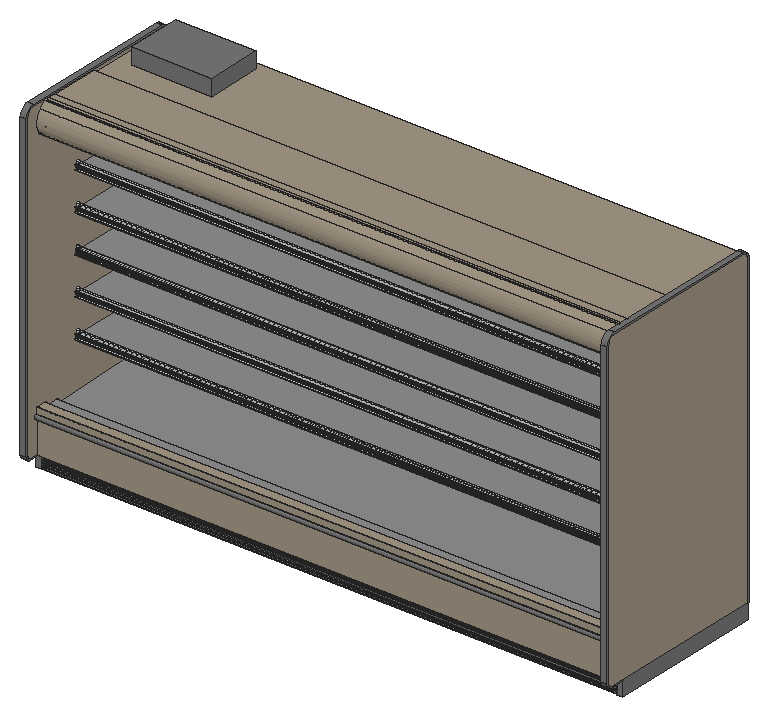
Revit family "5DMLH-NRG", category Mechanical Equipment, Revit 2017 (continued)
Automatic sketch dimensions
  Extrusion 15 sketch curve to Extrusion 15 sketch curve = 1/2"
  plane 8 to Extrusion 16 sketch curve = 0"
  plane 9 to Extrusion 16 sketch curve = 2.88909"
  Extrusion 16 sketch curve to Extrusion 16 sketch curve = 1"
  plane 9 to Extrusion 16 sketch curve = 0.88909"
  plane 5 to Extrusion 16 sketch curve = 3.07202"
  plane 8 to Extrusion 16 sketch curve = 1"
  plane 1 to Extrusion 16 sketch curve = 4.87062"
  Extrusion 17 sketch curve to Extrusion 17 sketch curve = 0"  (x6)
  plane 8 to Extrusion 17 sketch curve = 0"
  plane 8 to Extrusion 17 sketch curve = 2"
  plane 9 to Extrusion 17 sketch curve = 3.18987"
  Extrusion 17 sketch curve to Extrusion 17 sketch curve = 77/256"
  Extrusion 17 sketch curve to Extrusion 17 sketch curve = 1"
  Extrusion 17 sketch curve to plane 9 = 1.71615"
  plane 8 to Extrusion 17 sketch curve = 1"
  plane 5 to Extrusion 17 sketch curve = 3.07202"
  plane 1 to Extrusion 17 sketch curve = 4.87062"
  plane 1 to Extrusion 17 sketch curve = 3.87062"
  level to Extrusion 18 sketch curve = 0"
  Extrusion 18 sketch curve to plane 9 = 1.71615"
  plane 5 to Extrusion 18 sketch curve = 1.77124"
  plane 1 to Extrusion 18 sketch curve = 3.87062"
  Extrusion 21 sketch curve to plane 3 "CASE RIGHT" = 8 3/4"
  Extrusion 21 sketch curve to plane 9 = 12.55298"
  Extrusion 22 sketch curve to plane 3 "CASE RIGHT" = 9.71282"
  Extrusion 22 sketch curve to Extrusion 22 sketch curve = 1.84217"
  Extrusion 22 sketch curve to plane 9 = 12.55298"
  Extrusion 22 sketch curve to Extrusion 22 sketch curve = 0"
  plane 2 "LEFT" to Extrusion 23 sketch curve = 5"
  Extrusion 23 sketch curve to plane 7 = 46 7/8"
  Extrusion 23 sketch curve to plane 9 = 2 3/4"
  Extrusion 23 sketch curve to Extrusion 23 sketch curve = 4"
  plane 2 "LEFT" to Extrusion 24 sketch curve = 5"
  Extrusion 24 sketch curve to plane 9 = 2 3/4"
  Extrusion 24 sketch curve to Extrusion 24 sketch curve = 4"
  Extrusion 25 sketch curve to Extrusion 25 sketch curve = 11.16395"
  Extrusion 25 sketch curve to Extrusion 25 sketch curve = 15/256"
  plane 5 to Extrusion 25 sketch curve = 9.71507"
  Extrusion 25 sketch curve to Extrusion 25 sketch curve = 0.31094"
  Extrusion 25 sketch curve to Extrusion 25 sketch curve = 1.26163"
  Extrusion 25 sketch curve to Extrusion 25 sketch curve = 0.70284"
  Extrusion 25 sketch curve to Extrusion 25 sketch curve = 0.62903"
  Extrusion 25 sketch curve to Extrusion 25 sketch curve = 0.64603"
  Extrusion 25 sketch curve to Extrusion 25 sketch curve = 0.74047"
  plane 8 to Extrusion 25 sketch curve = 23.28769"
  Extrusion 25 sketch curve to Extrusion 25 sketch curve = 1.15227"
  Extrusion 25 sketch curve to Extrusion 25 sketch curve = 0.0123"
  Extrusion 25 sketch curve to Extrusion 25 sketch curve = 0.22247"
  Extrusion 25 sketch curve to Extrusion 25 sketch curve = 0.56871"
  Extrusion 25 sketch curve to Extrusion 25 sketch curve = 0.93296"
  Extrusion 25 sketch curve to Extrusion 25 sketch curve = 0.13545"
  Extrusion 25 sketch curve to Extrusion 25 sketch curve = 0.56"
  Extrusion 26 sketch curve to plane 9 = 12.67984"
  Extrusion 26 sketch curve to Extrusion 26 sketch curve = 11.16395"
  Extrusion 26 sketch curve to Extrusion 26 sketch curve = 15/256"
  plane 5 to Extrusion 26 sketch curve = 9.71507"
  Extrusion 26 sketch curve to Extrusion 26 sketch curve = 0.31094"
  Extrusion 26 sketch curve to Extrusion 26 sketch curve = 1.26163"
  Extrusion 26 sketch curve to Extrusion 26 sketch curve = 0.70284"
  Extrusion 26 sketch curve to Extrusion 26 sketch curve = 0.62903"
  Extrusion 26 sketch curve to Extrusion 26 sketch curve = 0.64603"
  Extrusion 26 sketch curve to Extrusion 26 sketch curve = 0.74047"
  plane 8 to Extrusion 26 sketch curve = 32.78769"
  Extrusion 26 sketch curve to Extrusion 26 sketch curve = 1.15227"
  Extrusion 26 sketch curve to Extrusion 26 sketch curve = 0.0123"
  Extrusion 26 sketch curve to Extrusion 26 sketch curve = 0.22247"
  Extrusion 26 sketch curve to Extrusion 26 sketch curve = 0.56871"
  Extrusion 26 sketch curve to Extrusion 26 sketch curve = 0.93296"
  Extrusion 26 sketch curve to Extrusion 26 sketch curve = 0.13545"
  Extrusion 26 sketch curve to Extrusion 26 sketch curve = 0.56"
  Extrusion 27 sketch curve to plane 9 = 12.67984"
  Extrusion 27 sketch curve to Extrusion 27 sketch curve = 11.16395"
  Extrusion 27 sketch curve to Extrusion 27 sketch curve = 15/256"
  plane 5 to Extrusion 27 sketch curve = 9.71507"
  Extrusion 27 sketch curve to Extrusion 27 sketch curve = 0.31094"
  Extrusion 27 sketch curve to Extrusion 27 sketch curve = 1.26163"
  Extrusion 27 sketch curve to Extrusion 27 sketch curve = 0.70284"
  Extrusion 27 sketch curve to Extrusion 27 sketch curve = 0.62903"
  Extrusion 27 sketch curve to Extrusion 27 sketch curve = 0.64603"
  Extrusion 27 sketch curve to Extrusion 27 sketch curve = 0.74047"
  plane 1 to Extrusion 27 sketch curve = 40.31768"
  Extrusion 27 sketch curve to Extrusion 27 sketch curve = 1.15227"
  Extrusion 27 sketch curve to Extrusion 27 sketch curve = 0.0123"
  Extrusion 27 sketch curve to Extrusion 27 sketch curve = 0.22247"
  Extrusion 27 sketch curve to Extrusion 27 sketch curve = 0.56871"
  Extrusion 27 sketch curve to Extrusion 27 sketch curve = 0.93296"
  Extrusion 27 sketch curve to Extrusion 27 sketch curve = 0.13545"
  Extrusion 27 sketch curve to Extrusion 27 sketch curve = 0.56"
  Extrusion 28 sketch curve to plane 9 = 12.67984"
  Extrusion 28 sketch curve to Extrusion 28 sketch curve = 11.16395"
  Extrusion 28 sketch curve to Extrusion 28 sketch curve = 15/256"
  plane 5 to Extrusion 28 sketch curve = 9.71507"
  Extrusion 28 sketch curve to Extrusion 28 sketch curve = 0.31094"
  Extrusion 28 sketch curve to Extrusion 28 sketch curve = 1.26163"
  Extrusion 28 sketch curve to Extrusion 28 sketch curve = 0.70284"
  Extrusion 28 sketch curve to Extrusion 28 sketch curve = 0.62903"
  Extrusion 28 sketch curve to Extrusion 28 sketch curve = 0.64603"
  Extrusion 28 sketch curve to Extrusion 28 sketch curve = 0.74047"
  plane 1 to Extrusion 28 sketch curve = 30.81768"
  Extrusion 28 sketch curve to Extrusion 28 sketch curve = 1.15227"
  Extrusion 28 sketch curve to Extrusion 28 sketch curve = 0.0123"
  Extrusion 28 sketch curve to Extrusion 28 sketch curve = 0.22247"
  Extrusion 28 sketch curve to Extrusion 28 sketch curve = 0.56871"
  Extrusion 28 sketch curve to Extrusion 28 sketch curve = 0.93296"
  Extrusion 28 sketch curve to Extrusion 28 sketch curve = 0.13545"
  Extrusion 28 sketch curve to Extrusion 28 sketch curve = 0.56"
  Extrusion 29 sketch curve to plane 9 = 12.67984"
  Extrusion 29 sketch curve to Extrusion 29 sketch curve = 11.16395"
  Extrusion 29 sketch curve to Extrusion 29 sketch curve = 15/256"
  plane 5 to Extrusion 29 sketch curve = 9.71507"
  Extrusion 29 sketch curve to Extrusion 29 sketch curve = 0.31094"
  Extrusion 29 sketch curve to Extrusion 29 sketch curve = 1.26163"
  Extrusion 29 sketch curve to Extrusion 29 sketch curve = 0.70284"
  Extrusion 29 sketch curve to Extrusion 29 sketch curve = 0.62903"
  Extrusion 29 sketch curve to Extrusion 29 sketch curve = 0.64603"
  Extrusion 29 sketch curve to Extrusion 29 sketch curve = 0.74047"
  plane 1 to Extrusion 29 sketch curve = 21.31768"
  Extrusion 29 sketch curve to Extrusion 29 sketch curve = 1.15227"
  Extrusion 29 sketch curve to Extrusion 29 sketch curve = 0.0123"
  Extrusion 29 sketch curve to Extrusion 29 sketch curve = 0.22247"
  Extrusion 29 sketch curve to Extrusion 29 sketch curve = 0.56871"
  Extrusion 29 sketch curve to Extrusion 29 sketch curve = 0.93296"
  Extrusion 29 sketch curve to Extrusion 29 sketch curve = 0.13545"
  Extrusion 29 sketch curve to Extrusion 29 sketch curve = 0.56"
  Extrusion 30 sketch curve to plane 9 = 11.12702"
  Extrusion 30 sketch curve to Extrusion 30 sketch curve = 0.15257"
  Extrusion 30 sketch curve to Extrusion 30 sketch curve = 0.68718"
  Extrusion 30 sketch curve to Extrusion 30 sketch curve = 0.08041"
  Extrusion 30 sketch curve to Extrusion 30 sketch curve = 0.01502"
  Extrusion 30 sketch curve to Extrusion 30 sketch curve = 0.0348"
  Extrusion 30 sketch curve to Extrusion 30 sketch curve = 0.1344"
  Extrusion 30 sketch curve to Extrusion 30 sketch curve = 0.02303"
  Extrusion 30 sketch curve to Extrusion 30 sketch curve = 0.01397"
  Extrusion 30 sketch curve to Extrusion 30 sketch curve = 0.02042"
  Extrusion 30 sketch curve to Extrusion 30 sketch curve = 0.02391"
  Extrusion 30 sketch curve to Extrusion 30 sketch curve = 0.01972"
  Extrusion 30 sketch curve to Extrusion 30 sketch curve = 0.02486"
  Extrusion 30 sketch curve to Extrusion 30 sketch curve = 0.03996"
  Extrusion 30 sketch curve to Extrusion 30 sketch curve = 0.017"
  Extrusion 30 sketch curve to Extrusion 30 sketch curve = 0.00237"
  Extrusion 30 sketch curve to Extrusion 30 sketch curve = 0.15075"
  Extrusion 30 sketch curve to Extrusion 30 sketch curve = 0.19432"
  Extrusion 30 sketch curve to Extrusion 30 sketch curve = 0.01576"
  Extrusion 30 sketch curve to Extrusion 30 sketch curve = 0.09513"
  Extrusion 30 sketch curve to Extrusion 30 sketch curve = 0.02774"
  Extrusion 30 sketch curve to Extrusion 30 sketch curve = 0.00353"
  Extrusion 30 sketch curve to Extrusion 30 sketch curve = 0.03407"
  Extrusion 30 sketch curve to Extrusion 30 sketch curve = 0.0131"
  Extrusion 30 sketch curve to Extrusion 30 sketch curve = 0.02043"
  Extrusion 30 sketch curve to Extrusion 30 sketch curve = 0.00337"
  Extrusion 30 sketch curve to Extrusion 30 sketch curve = 0.00069"
  Extrusion 30 sketch curve to Extrusion 30 sketch curve = 0.03104"
  Extrusion 30 sketch curve to Extrusion 30 sketch curve = 0.08208"
  Extrusion 30 sketch curve to Extrusion 30 sketch curve = 0.00837"
  Extrusion 30 sketch curve to Extrusion 30 sketch curve = 0.0767"
  Extrusion 30 sketch curve to Extrusion 30 sketch curve = 0.08643"
  Extrusion 30 sketch curve to Extrusion 30 sketch curve = 0.16977"
  Extrusion 30 sketch curve to Extrusion 30 sketch curve = 0.01614"
  Extrusion 30 sketch curve to Extrusion 30 sketch curve = 0.2264"
  Extrusion 30 sketch curve to Extrusion 30 sketch curve = 0.05312"
  Extrusion 30 sketch curve to Extrusion 30 sketch curve = 0.05633"
  Extrusion 30 sketch curve to Extrusion 30 sketch curve = 0.04415"
  Extrusion 30 sketch curve to Extrusion 30 sketch curve = 0.10656"
  Extrusion 30 sketch curve to Extrusion 30 sketch curve = 0.05257"
  Extrusion 30 sketch curve to Extrusion 30 sketch curve = 0.02992"
  Extrusion 30 sketch curve to Extrusion 30 sketch curve = 0.01928"
  Extrusion 30 sketch curve to Extrusion 30 sketch curve = 0.02299"
  Extrusion 30 sketch curve to Extrusion 30 sketch curve = 0.06688"
  Extrusion 30 sketch curve to Extrusion 30 sketch curve = 0.06408"
  Extrusion 30 sketch curve to Extrusion 30 sketch curve = 0.02014"
  Extrusion 30 sketch curve to Extrusion 30 sketch curve = 0.02893"
  Extrusion 30 sketch curve to Extrusion 30 sketch curve = 0.03692"
  Extrusion 30 sketch curve to Extrusion 30 sketch curve = 0.04431"
  Extrusion 30 sketch curve to Extrusion 30 sketch curve = 0.03954"
  Extrusion 30 sketch curve to Extrusion 30 sketch curve = 0.03955"
  plane 8 to Extrusion 30 sketch curve = 20.16492"
  Extrusion 30 sketch curve to Extrusion 30 sketch curve = 0.07609"
  Extrusion 30 sketch curve to Extrusion 30 sketch curve = 0.10738"
  Extrusion 30 sketch curve to Extrusion 30 sketch curve = 0.0285"
  Extrusion 30 sketch curve to Extrusion 30 sketch curve = 0.03167"
  Extrusion 30 sketch curve to Extrusion 30 sketch curve = 0.00684"
  Extrusion 30 sketch curve to Extrusion 30 sketch curve = 0.00793"
  Extrusion 30 sketch curve to Extrusion 30 sketch curve = 0.10085"
  Extrusion 30 sketch curve to Extrusion 30 sketch curve = 0.042"
  Extrusion 30 sketch curve to Extrusion 30 sketch curve = 0.01543"
  Extrusion 30 sketch curve to Extrusion 30 sketch curve = 0.02758"
  Extrusion 30 sketch curve to Extrusion 30 sketch curve = 0.09743"
  Extrusion 30 sketch curve to Extrusion 30 sketch curve = 0.0166"
  Extrusion 30 sketch curve to Extrusion 30 sketch curve = 0.01746"
  Extrusion 30 sketch curve to Extrusion 30 sketch curve = 0.0442"
  Extrusion 30 sketch curve to Extrusion 30 sketch curve = 0.09004"
  Extrusion 30 sketch curve to Extrusion 30 sketch curve = 0.25155"
  Extrusion 30 sketch curve to Extrusion 30 sketch curve = 0.02567"
  Extrusion 30 sketch curve to Extrusion 30 sketch curve = 0.10897"
  Extrusion 30 sketch curve to Extrusion 30 sketch curve = 0.0351"
  Extrusion 30 sketch curve to Extrusion 30 sketch curve = 0.51771"
  Extrusion 30 sketch curve to Extrusion 30 sketch curve = 0.03032"
  Extrusion 30 sketch curve to Extrusion 30 sketch curve = 0.0787"
  Extrusion 30 sketch curve to Extrusion 30 sketch curve = 0.13364"
  Extrusion 30 sketch curve to Extrusion 30 sketch curve = 0.12805"
  Extrusion 30 sketch curve to Extrusion 30 sketch curve = 0.00785"
  Extrusion 30 sketch curve to Extrusion 30 sketch curve = 0.07212"
  Extrusion 30 sketch curve to Extrusion 30 sketch curve = 0.15715"
  Extrusion 30 sketch curve to Extrusion 30 sketch curve = 0.01545"
  Extrusion 30 sketch curve to Extrusion 30 sketch curve = 0.0359"
  Extrusion 30 sketch curve to Extrusion 30 sketch curve = 0.18765"
  Extrusion 30 sketch curve to Extrusion 30 sketch curve = 0.02417"
  Extrusion 30 sketch curve to Extrusion 30 sketch curve = 0.05651"
  Extrusion 30 sketch curve to Extrusion 30 sketch curve = 0.0054"
  Extrusion 30 sketch curve to Extrusion 30 sketch curve = 0.03942"
  Extrusion 30 sketch curve to Extrusion 30 sketch curve = 0.04694"
  Extrusion 30 sketch curve to Extrusion 30 sketch curve = 0.01524"
  Extrusion 30 sketch curve to Extrusion 30 sketch curve = 0.00637"
  Extrusion 30 sketch curve to Extrusion 30 sketch curve = 0.02521"
  Extrusion 30 sketch curve to Extrusion 30 sketch curve = 0.02057"
  Extrusion 30 sketch curve to Extrusion 30 sketch curve = 0.02401"
  Extrusion 31 sketch curve to plane 9 = 12.4038"
  Extrusion 31 sketch curve to Extrusion 31 sketch curve = 0.11066"
  plane 8 to Extrusion 31 sketch curve = 19.92866"
  Extrusion 31 sketch curve to Extrusion 31 sketch curve = 1.81386"
  level to Extrusion 32 sketch curve = 0"
  Extrusion 32 sketch curve to plane 9 = 1.71983"
  Extrusion 32 sketch curve to Extrusion 32 sketch curve = 0.00145"
  Extrusion 32 sketch curve to Extrusion 32 sketch curve = 0.01948"
  Extrusion 32 sketch curve to Extrusion 32 sketch curve = 0.03789"
  Extrusion 32 sketch curve to Extrusion 32 sketch curve = 0.08969"
  Extrusion 32 sketch curve to Extrusion 32 sketch curve = 0.06877"
  Extrusion 32 sketch curve to Extrusion 32 sketch curve = 0.08825"
  Extrusion 32 sketch curve to Extrusion 32 sketch curve = 0.01194"
  plane 1 to Extrusion 32 sketch curve = 0.6834"
  Extrusion 32 sketch curve to Extrusion 32 sketch curve = 0.03983"  (x3)
  Extrusion 32 sketch curve to Extrusion 32 sketch curve = 0.15552"
  Extrusion 32 sketch curve to Extrusion 32 sketch curve = 0.14278"  (x2)
  plane 1 to Extrusion 32 sketch curve = 0.50152"
  Extrusion 32 sketch curve to Extrusion 32 sketch curve = 0.14968"
  Extrusion 32 sketch curve to Extrusion 32 sketch curve = 0.21248"  (x3)
  plane 1 to Extrusion 32 sketch curve = 0.72651"
  Extrusion 32 sketch curve to Extrusion 32 sketch curve = 0.26349"
  Extrusion 32 sketch curve to Extrusion 32 sketch curve = 0.18708"
  Extrusion 32 sketch curve to Extrusion 32 sketch curve = 0.25368"  (x3)
  Extrusion 32 sketch curve to Extrusion 32 sketch curve = 0.18506"  (x2)
  Extrusion 32 sketch curve to Extrusion 32 sketch curve = 0.09528"
  Extrusion 32 sketch curve to Extrusion 32 sketch curve = 0.0431"
  Extrusion 32 sketch curve to Extrusion 32 sketch curve = 0.09386"
  Extrusion 32 sketch curve to Extrusion 32 sketch curve = 0.04057"
  Extrusion 32 sketch curve to Extrusion 32 sketch curve = 0.06434"
  Extrusion 32 sketch curve to Extrusion 32 sketch curve = 0.07254"
  Extrusion 32 sketch curve to Extrusion 32 sketch curve = 1.47716"
  plane 8 to Extrusion 33 sketch curve = 0.73775"
  Extrusion 33 sketch curve to plane 9 = 24.77324"
  Extrusion 33 sketch curve to plane 8 = 3.28025"
  plane 5 to Extrusion 33 sketch curve = 3.97676"
  Extrusion 34 sketch curve to Extrusion 34 sketch curve = 0"  (x4)
  plane 8 to Extrusion 34 sketch curve = 0"
  Extrusion 34 sketch curve to plane 9 = 0.82095"
  Extrusion 34 sketch curve to Extrusion 34 sketch curve = 0.025"
  Extrusion 34 sketch curve to Extrusion 34 sketch curve = 0.03401"
  Extrusion 34 sketch curve to Extrusion 34 sketch curve = 0.00814"  (x2)
  Extrusion 34 sketch curve to Extrusion 34 sketch curve = 0.02035"  (x2)
  Extrusion 34 sketch curve to Extrusion 34 sketch curve = 0.40124"
  Extrusion 34 sketch curve to Extrusion 34 sketch curve = 0.04419"  (x2)
  Extrusion 34 sketch curve to Extrusion 34 sketch curve = 0.01768"  (x2)
  Extrusion 34 sketch curve to Extrusion 34 sketch curve = 0.13173"
  Extrusion 34 sketch curve to Extrusion 34 sketch curve = 0.00884"  (x3)
  plane 8 to Extrusion 34 sketch curve = 0.59706"
  Extrusion 34 sketch curve to plane 9 = 2.14368"
  plane 8 to Extrusion 34 sketch curve = 0.16006"
  Extrusion 34 sketch curve to Extrusion 34 sketch curve = 0.45"
  Extrusion 34 sketch curve to Extrusion 34 sketch curve = 3.42914"
  plane 8 to Extrusion 34 sketch curve = 0.73775"
  Extrusion 34 sketch curve to Extrusion 34 sketch curve = 2.37251"
  Extrusion 34 sketch curve to Extrusion 34 sketch curve = 0.31595"
  Extrusion 34 sketch curve to Extrusion 34 sketch curve = 0.98189"
  Extrusion 34 sketch curve to Extrusion 34 sketch curve = 2.37756"
  Extrusion 34 sketch curve to Extrusion 34 sketch curve = 10.39212"
  Extrusion 34 sketch curve to Extrusion 34 sketch curve = 0.15496"
  Extrusion 34 sketch curve to Extrusion 34 sketch curve = 1.88905"
  plane 8 to Extrusion 34 sketch curve = 2.73775"
  Extrusion 34 sketch curve to Extrusion 34 sketch curve = 1.57573"
  Extrusion 34 sketch curve to Extrusion 34 sketch curve = 1.63813"
  Extrusion 34 sketch curve to Extrusion 34 sketch curve = 0.45786"
  Extrusion 34 sketch curve to Extrusion 34 sketch curve = 2.82979"
  Extrusion 34 sketch curve to Extrusion 34 sketch curve = 1.1978"
  Extrusion 34 sketch curve to Extrusion 34 sketch curve = 0.05062"
  Extrusion 34 sketch curve to Extrusion 34 sketch curve = 0.08754"
  plane 8 to Extrusion 34 sketch curve = 0.168"
  Extrusion 35 sketch curve to Extrusion 35 sketch curve = 0"  (x4)
  Extrusion 35 sketch curve to plane 9 = 2.54187"
  Extrusion 35 sketch curve to Extrusion 35 sketch curve = 1.58073"
  plane 8 to Extrusion 35 sketch curve = 5.7513"
  Extrusion 35 sketch curve to Extrusion 35 sketch curve = 0.42736"
  Extrusion 35 sketch curve to Extrusion 35 sketch curve = 7/16"  (x4)
  Extrusion 35 sketch curve to Extrusion 35 sketch curve = 0.00042"  (x2)
  Extrusion 36 sketch curve to Extrusion 36 sketch curve = 0"  (x8)
  plane 8 to Extrusion 36 sketch curve = 0"
  Extrusion 36 sketch curve to plane 9 = 0.98865"
  Extrusion 36 sketch curve to Extrusion 36 sketch curve = 0.05755"
  Extrusion 36 sketch curve to plane 9 = 1.14933"
  Extrusion 36 sketch curve to Extrusion 36 sketch curve = 0.14566"  (x2)
  Extrusion 36 sketch curve to Extrusion 36 sketch curve = 0.05657"  (x3)
  Extrusion 36 sketch curve to Extrusion 36 sketch curve = 0.2588"
  plane 8 to Extrusion 36 sketch curve = 0.02638"
  Extrusion 36 sketch curve to Extrusion 36 sketch curve = 1.36361"
  plane 8 to Extrusion 36 sketch curve = 0.05378"
  Extrusion 36 sketch curve to Extrusion 36 sketch curve = 0.08475"
  Extrusion 36 sketch curve to Extrusion 36 sketch curve = 0.12098"
  Extrusion 36 sketch curve to Extrusion 36 sketch curve = 0.00573"
  Extrusion 36 sketch curve to Extrusion 36 sketch curve = 0.79727"
  Extrusion 36 sketch curve to Extrusion 36 sketch curve = 2.33811"
  Extrusion 36 sketch curve to Extrusion 36 sketch curve = 0.04891"
  plane 8 to Extrusion 36 sketch curve = 1.43845"
  Extrusion 36 sketch curve to Extrusion 36 sketch curve = 0.05557"
  Extrusion 36 sketch curve to Extrusion 36 sketch curve = 2.74807"
  Extrusion 36 sketch curve to Extrusion 36 sketch curve = 2.44436"
  Extrusion 36 sketch curve to Extrusion 36 sketch curve = 0.3343"
  Extrusion 37 sketch curve to plane 9 = 11.12702"
  Extrusion 37 sketch curve to Extrusion 37 sketch curve = 0.15257"
  Extrusion 37 sketch curve to Extrusion 37 sketch curve = 0.68718"
  Extrusion 37 sketch curve to Extrusion 37 sketch curve = 0.08041"
  Extrusion 37 sketch curve to Extrusion 37 sketch curve = 0.01502"
  Extrusion 37 sketch curve to Extrusion 37 sketch curve = 0.0348"
  Extrusion 37 sketch curve to Extrusion 37 sketch curve = 0.1344"
  Extrusion 37 sketch curve to Extrusion 37 sketch curve = 0.02303"
  Extrusion 37 sketch curve to Extrusion 37 sketch curve = 0.01397"
  Extrusion 37 sketch curve to Extrusion 37 sketch curve = 0.02042"
  Extrusion 37 sketch curve to Extrusion 37 sketch curve = 0.02391"
  Extrusion 37 sketch curve to Extrusion 37 sketch curve = 0.01972"
  Extrusion 37 sketch curve to Extrusion 37 sketch curve = 0.02486"
  Extrusion 37 sketch curve to Extrusion 37 sketch curve = 0.03996"
  Extrusion 37 sketch curve to Extrusion 37 sketch curve = 0.017"
  Extrusion 37 sketch curve to Extrusion 37 sketch curve = 0.00237"
  Extrusion 37 sketch curve to Extrusion 37 sketch curve = 0.15075"
  Extrusion 37 sketch curve to Extrusion 37 sketch curve = 0.19432"
  Extrusion 37 sketch curve to Extrusion 37 sketch curve = 0.01576"
  Extrusion 37 sketch curve to Extrusion 37 sketch curve = 0.09513"
  Extrusion 37 sketch curve to Extrusion 37 sketch curve = 0.02774"
  Extrusion 37 sketch curve to Extrusion 37 sketch curve = 0.00353"
  Extrusion 37 sketch curve to Extrusion 37 sketch curve = 0.03407"
  Extrusion 37 sketch curve to Extrusion 37 sketch curve = 0.0131"
  Extrusion 37 sketch curve to Extrusion 37 sketch curve = 0.02043"
  Extrusion 37 sketch curve to Extrusion 37 sketch curve = 0.00337"
  Extrusion 37 sketch curve to Extrusion 37 sketch curve = 0.00069"
  Extrusion 37 sketch curve to Extrusion 37 sketch curve = 0.03104"
  Extrusion 37 sketch curve to Extrusion 37 sketch curve = 0.08208"
  Extrusion 37 sketch curve to Extrusion 37 sketch curve = 0.00837"
  Extrusion 37 sketch curve to Extrusion 37 sketch curve = 0.0767"
  Extrusion 37 sketch curve to Extrusion 37 sketch curve = 0.08643"
  Extrusion 37 sketch curve to Extrusion 37 sketch curve = 0.16977"
  Extrusion 37 sketch curve to Extrusion 37 sketch curve = 0.01614"
  Extrusion 37 sketch curve to Extrusion 37 sketch curve = 0.2264"
  Extrusion 37 sketch curve to Extrusion 37 sketch curve = 0.05312"
  Extrusion 37 sketch curve to Extrusion 37 sketch curve = 0.05633"
  Extrusion 37 sketch curve to Extrusion 37 sketch curve = 0.04415"
  Extrusion 37 sketch curve to Extrusion 37 sketch curve = 0.10656"
  Extrusion 37 sketch curve to Extrusion 37 sketch curve = 0.05257"
  Extrusion 37 sketch curve to Extrusion 37 sketch curve = 0.02992"
  Extrusion 37 sketch curve to Extrusion 37 sketch curve = 0.01928"
  Extrusion 37 sketch curve to Extrusion 37 sketch curve = 0.02299"
  Extrusion 37 sketch curve to Extrusion 37 sketch curve = 0.06688"
  Extrusion 37 sketch curve to Extrusion 37 sketch curve = 0.06408"
  Extrusion 37 sketch curve to Extrusion 37 sketch curve = 0.02014"
  Extrusion 37 sketch curve to Extrusion 37 sketch curve = 0.02893"
  Extrusion 37 sketch curve to Extrusion 37 sketch curve = 0.03692"
  Extrusion 37 sketch curve to Extrusion 37 sketch curve = 0.04431"
  Extrusion 37 sketch curve to Extrusion 37 sketch curve = 0.03954"
  Extrusion 37 sketch curve to Extrusion 37 sketch curve = 0.03955"
  plane 8 to Extrusion 37 sketch curve = 29.66492"
  Extrusion 37 sketch curve to Extrusion 37 sketch curve = 0.07609"
  Extrusion 37 sketch curve to Extrusion 37 sketch curve = 0.10738"
  Extrusion 37 sketch curve to Extrusion 37 sketch curve = 0.0285"
  Extrusion 37 sketch curve to Extrusion 37 sketch curve = 0.03167"
  Extrusion 37 sketch curve to Extrusion 37 sketch curve = 0.00684"
  Extrusion 37 sketch curve to Extrusion 37 sketch curve = 0.00793"
  Extrusion 37 sketch curve to Extrusion 37 sketch curve = 0.10085"
  Extrusion 37 sketch curve to Extrusion 37 sketch curve = 0.042"
  Extrusion 37 sketch curve to Extrusion 37 sketch curve = 0.01543"
  Extrusion 37 sketch curve to Extrusion 37 sketch curve = 0.02758"
  Extrusion 37 sketch curve to Extrusion 37 sketch curve = 0.09743"
  Extrusion 37 sketch curve to Extrusion 37 sketch curve = 0.0166"
  Extrusion 37 sketch curve to Extrusion 37 sketch curve = 0.01746"
  Extrusion 37 sketch curve to Extrusion 37 sketch curve = 0.0442"
  Extrusion 37 sketch curve to Extrusion 37 sketch curve = 0.09004"
  Extrusion 37 sketch curve to Extrusion 37 sketch curve = 0.25155"
  Extrusion 37 sketch curve to Extrusion 37 sketch curve = 0.02567"
  Extrusion 37 sketch curve to Extrusion 37 sketch curve = 0.10897"
  Extrusion 37 sketch curve to Extrusion 37 sketch curve = 0.0351"
  Extrusion 37 sketch curve to Extrusion 37 sketch curve = 0.51771"
  Extrusion 37 sketch curve to Extrusion 37 sketch curve = 0.03032"
  Extrusion 37 sketch curve to Extrusion 37 sketch curve = 0.0787"
  Extrusion 37 sketch curve to Extrusion 37 sketch curve = 0.13364"
  Extrusion 37 sketch curve to Extrusion 37 sketch curve = 0.12805"
  Extrusion 37 sketch curve to Extrusion 37 sketch curve = 0.00785"
  Extrusion 37 sketch curve to Extrusion 37 sketch curve = 0.07212"
  Extrusion 37 sketch curve to Extrusion 37 sketch curve = 0.15715"
  Extrusion 37 sketch curve to Extrusion 37 sketch curve = 0.01545"
  Extrusion 37 sketch curve to Extrusion 37 sketch curve = 0.0359"
  Extrusion 37 sketch curve to Extrusion 37 sketch curve = 0.18765"
  Extrusion 37 sketch curve to Extrusion 37 sketch curve = 0.02417"
  Extrusion 37 sketch curve to Extrusion 37 sketch curve = 0.05651"
  Extrusion 37 sketch curve to Extrusion 37 sketch curve = 0.0054"
  Extrusion 37 sketch curve to Extrusion 37 sketch curve = 0.03942"
  Extrusion 37 sketch curve to Extrusion 37 sketch curve = 0.04694"
  Extrusion 37 sketch curve to Extrusion 37 sketch curve = 0.01524"
  Extrusion 37 sketch curve to Extrusion 37 sketch curve = 0.00637"
  Extrusion 37 sketch curve to Extrusion 37 sketch curve = 0.02521"
  Extrusion 37 sketch curve to Extrusion 37 sketch curve = 0.02057"
  Extrusion 37 sketch curve to Extrusion 37 sketch curve = 0.02401"
  Extrusion 38 sketch curve to plane 9 = 12.4038"
  Extrusion 38 sketch curve to Extrusion 38 sketch curve = 0.11066"
  plane 8 to Extrusion 38 sketch curve = 29.42866"
  Extrusion 38 sketch curve to Extrusion 38 sketch curve = 1.81386"
  Extrusion 39 sketch curve to plane 9 = 11.12702"
  Extrusion 39 sketch curve to Extrusion 39 sketch curve = 0.15257"
  Extrusion 39 sketch curve to Extrusion 39 sketch curve = 0.68718"
  Extrusion 39 sketch curve to Extrusion 39 sketch curve = 0.08041"
  Extrusion 39 sketch curve to Extrusion 39 sketch curve = 0.01502"
  Extrusion 39 sketch curve to Extrusion 39 sketch curve = 0.0348"
  Extrusion 39 sketch curve to Extrusion 39 sketch curve = 0.1344"
  Extrusion 39 sketch curve to Extrusion 39 sketch curve = 0.02303"
  Extrusion 39 sketch curve to Extrusion 39 sketch curve = 0.01397"
  Extrusion 39 sketch curve to Extrusion 39 sketch curve = 0.02042"
  Extrusion 39 sketch curve to Extrusion 39 sketch curve = 0.02391"
  Extrusion 39 sketch curve to Extrusion 39 sketch curve = 0.01972"
  Extrusion 39 sketch curve to Extrusion 39 sketch curve = 0.02486"
  Extrusion 39 sketch curve to Extrusion 39 sketch curve = 0.03996"
  Extrusion 39 sketch curve to Extrusion 39 sketch curve = 0.017"
  Extrusion 39 sketch curve to Extrusion 39 sketch curve = 0.00237"
  Extrusion 39 sketch curve to Extrusion 39 sketch curve = 0.15075"
  Extrusion 39 sketch curve to Extrusion 39 sketch curve = 0.19432"
  Extrusion 39 sketch curve to Extrusion 39 sketch curve = 0.01576"
  Extrusion 39 sketch curve to Extrusion 39 sketch curve = 0.09513"
  Extrusion 39 sketch curve to Extrusion 39 sketch curve = 0.02774"
  Extrusion 39 sketch curve to Extrusion 39 sketch curve = 0.00353"
  Extrusion 39 sketch curve to Extrusion 39 sketch curve = 0.03407"
  Extrusion 39 sketch curve to Extrusion 39 sketch curve = 0.0131"
  Extrusion 39 sketch curve to Extrusion 39 sketch curve = 0.02043"
  Extrusion 39 sketch curve to Extrusion 39 sketch curve = 0.00337"
  Extrusion 39 sketch curve to Extrusion 39 sketch curve = 0.00069"
  Extrusion 39 sketch curve to Extrusion 39 sketch curve = 0.03104"
  Extrusion 39 sketch curve to Extrusion 39 sketch curve = 0.08208"
  Extrusion 39 sketch curve to Extrusion 39 sketch curve = 0.00837"
  Extrusion 39 sketch curve to Extrusion 39 sketch curve = 0.0767"
  Extrusion 39 sketch curve to Extrusion 39 sketch curve = 0.08643"
  Extrusion 39 sketch curve to Extrusion 39 sketch curve = 0.16977"
  Extrusion 39 sketch curve to Extrusion 39 sketch curve = 0.01614"
  Extrusion 39 sketch curve to Extrusion 39 sketch curve = 0.2264"
  Extrusion 39 sketch curve to Extrusion 39 sketch curve = 0.05312"
  Extrusion 39 sketch curve to Extrusion 39 sketch curve = 0.05633"
  Extrusion 39 sketch curve to Extrusion 39 sketch curve = 0.04415"
  Extrusion 39 sketch curve to Extrusion 39 sketch curve = 0.10656"
  Extrusion 39 sketch curve to Extrusion 39 sketch curve = 0.05257"
  Extrusion 39 sketch curve to Extrusion 39 sketch curve = 0.02992"
  Extrusion 39 sketch curve to Extrusion 39 sketch curve = 0.01928"
  Extrusion 39 sketch curve to Extrusion 39 sketch curve = 0.02299"
  Extrusion 39 sketch curve to Extrusion 39 sketch curve = 0.06688"
  Extrusion 39 sketch curve to Extrusion 39 sketch curve = 0.06408"
  Extrusion 39 sketch curve to Extrusion 39 sketch curve = 0.02014"
  Extrusion 39 sketch curve to Extrusion 39 sketch curve = 0.02893"
  Extrusion 39 sketch curve to Extrusion 39 sketch curve = 0.03692"
  Extrusion 39 sketch curve to Extrusion 39 sketch curve = 0.04431"
  Extrusion 39 sketch curve to Extrusion 39 sketch curve = 0.03954"
  Extrusion 39 sketch curve to Extrusion 39 sketch curve = 0.03955"
  plane 8 to Extrusion 39 sketch curve = 39.16492"
  Extrusion 39 sketch curve to Extrusion 39 sketch curve = 0.07609"
  Extrusion 39 sketch curve to Extrusion 39 sketch curve = 0.10738"
  Extrusion 39 sketch curve to Extrusion 39 sketch curve = 0.0285"
  Extrusion 39 sketch curve to Extrusion 39 sketch curve = 0.03167"
  Extrusion 39 sketch curve to Extrusion 39 sketch curve = 0.00684"
  Extrusion 39 sketch curve to Extrusion 39 sketch curve = 0.00793"
  Extrusion 39 sketch curve to Extrusion 39 sketch curve = 0.10085"
  Extrusion 39 sketch curve to Extrusion 39 sketch curve = 0.042"
  Extrusion 39 sketch curve to Extrusion 39 sketch curve = 0.01543"
  Extrusion 39 sketch curve to Extrusion 39 sketch curve = 0.02758"
  Extrusion 39 sketch curve to Extrusion 39 sketch curve = 0.09743"
  Extrusion 39 sketch curve to Extrusion 39 sketch curve = 0.0166"
  Extrusion 39 sketch curve to Extrusion 39 sketch curve = 0.01746"
  Extrusion 39 sketch curve to Extrusion 39 sketch curve = 0.0442"
  Extrusion 39 sketch curve to Extrusion 39 sketch curve = 0.09004"
  Extrusion 39 sketch curve to Extrusion 39 sketch curve = 0.25155"
  Extrusion 39 sketch curve to Extrusion 39 sketch curve = 0.02567"
  Extrusion 39 sketch curve to Extrusion 39 sketch curve = 0.10897"
  Extrusion 39 sketch curve to Extrusion 39 sketch curve = 0.0351"
  Extrusion 39 sketch curve to Extrusion 39 sketch curve = 0.51771"
  Extrusion 39 sketch curve to Extrusion 39 sketch curve = 0.03032"
  Extrusion 39 sketch curve to Extrusion 39 sketch curve = 0.0787"
  Extrusion 39 sketch curve to Extrusion 39 sketch curve = 0.13364"
  Extrusion 39 sketch curve to Extrusion 39 sketch curve = 0.12805"
  Extrusion 39 sketch curve to Extrusion 39 sketch curve = 0.00785"
  Extrusion 39 sketch curve to Extrusion 39 sketch curve = 0.07212"
  Extrusion 39 sketch curve to Extrusion 39 sketch curve = 0.15715"
  Extrusion 39 sketch curve to Extrusion 39 sketch curve = 0.01545"
  Extrusion 39 sketch curve to Extrusion 39 sketch curve = 0.0359"
  Extrusion 39 sketch curve to Extrusion 39 sketch curve = 0.18765"
  Extrusion 39 sketch curve to Extrusion 39 sketch curve = 0.02417"
  Extrusion 39 sketch curve to Extrusion 39 sketch curve = 0.05651"
  Extrusion 39 sketch curve to Extrusion 39 sketch curve = 0.0054"
  Extrusion 39 sketch curve to Extrusion 39 sketch curve = 0.03942"
  Extrusion 39 sketch curve to Extrusion 39 sketch curve = 0.04694"
  Extrusion 39 sketch curve to Extrusion 39 sketch curve = 0.01524"
  Extrusion 39 sketch curve to Extrusion 39 sketch curve = 0.00637"
  Extrusion 39 sketch curve to Extrusion 39 sketch curve = 0.02521"
  Extrusion 39 sketch curve to Extrusion 39 sketch curve = 0.02057"
  Extrusion 39 sketch curve to Extrusion 39 sketch curve = 0.02401"
  Extrusion 40 sketch curve to plane 9 = 12.4038"
  Extrusion 40 sketch curve to Extrusion 40 sketch curve = 0.11066"
  plane 8 to Extrusion 40 sketch curve = 38.92866"
  Extrusion 40 sketch curve to Extrusion 40 sketch curve = 1.81386"
  Extrusion 41 sketch curve to plane 9 = 11.12702"
  Extrusion 41 sketch curve to Extrusion 41 sketch curve = 0.15257"
  Extrusion 41 sketch curve to Extrusion 41 sketch curve = 0.68718"
  Extrusion 41 sketch curve to Extrusion 41 sketch curve = 0.08041"
  Extrusion 41 sketch curve to Extrusion 41 sketch curve = 0.01502"
  Extrusion 41 sketch curve to Extrusion 41 sketch curve = 0.0348"
  Extrusion 41 sketch curve to Extrusion 41 sketch curve = 0.1344"
  Extrusion 41 sketch curve to Extrusion 41 sketch curve = 0.02303"
  Extrusion 41 sketch curve to Extrusion 41 sketch curve = 0.01397"
  Extrusion 41 sketch curve to Extrusion 41 sketch curve = 0.02042"
  Extrusion 41 sketch curve to Extrusion 41 sketch curve = 0.02391"
  Extrusion 41 sketch curve to Extrusion 41 sketch curve = 0.01972"
  Extrusion 41 sketch curve to Extrusion 41 sketch curve = 0.02486"
  Extrusion 41 sketch curve to Extrusion 41 sketch curve = 0.03996"
  Extrusion 41 sketch curve to Extrusion 41 sketch curve = 0.017"
  Extrusion 41 sketch curve to Extrusion 41 sketch curve = 0.00237"
  Extrusion 41 sketch curve to Extrusion 41 sketch curve = 0.15075"
  Extrusion 41 sketch curve to Extrusion 41 sketch curve = 0.19432"
  Extrusion 41 sketch curve to Extrusion 41 sketch curve = 0.01576"
  Extrusion 41 sketch curve to Extrusion 41 sketch curve = 0.09513"
  Extrusion 41 sketch curve to Extrusion 41 sketch curve = 0.02774"
  Extrusion 41 sketch curve to Extrusion 41 sketch curve = 0.00353"
  Extrusion 41 sketch curve to Extrusion 41 sketch curve = 0.03407"
  Extrusion 41 sketch curve to Extrusion 41 sketch curve = 0.0131"
  Extrusion 41 sketch curve to Extrusion 41 sketch curve = 0.02043"
  Extrusion 41 sketch curve to Extrusion 41 sketch curve = 0.00337"
  Extrusion 41 sketch curve to Extrusion 41 sketch curve = 0.00069"
  Extrusion 41 sketch curve to Extrusion 41 sketch curve = 0.03104"
  Extrusion 41 sketch curve to Extrusion 41 sketch curve = 0.08208"
  Extrusion 41 sketch curve to Extrusion 41 sketch curve = 0.00837"
  Extrusion 41 sketch curve to Extrusion 41 sketch curve = 0.0767"
  Extrusion 41 sketch curve to Extrusion 41 sketch curve = 0.08643"
  Extrusion 41 sketch curve to Extrusion 41 sketch curve = 0.16977"
  Extrusion 41 sketch curve to Extrusion 41 sketch curve = 0.01614"
  Extrusion 41 sketch curve to Extrusion 41 sketch curve = 0.2264"
  Extrusion 41 sketch curve to Extrusion 41 sketch curve = 0.05312"
  Extrusion 41 sketch curve to Extrusion 41 sketch curve = 0.05633"
  Extrusion 41 sketch curve to Extrusion 41 sketch curve = 0.04415"
  Extrusion 41 sketch curve to Extrusion 41 sketch curve = 0.10656"
  Extrusion 41 sketch curve to Extrusion 41 sketch curve = 0.05257"
  Extrusion 41 sketch curve to Extrusion 41 sketch curve = 0.02992"
  Extrusion 41 sketch curve to Extrusion 41 sketch curve = 0.01928"
  Extrusion 41 sketch curve to Extrusion 41 sketch curve = 0.02299"
  Extrusion 41 sketch curve to Extrusion 41 sketch curve = 0.06688"
  Extrusion 41 sketch curve to Extrusion 41 sketch curve = 0.06408"
  Extrusion 41 sketch curve to Extrusion 41 sketch curve = 0.02014"
  Extrusion 41 sketch curve to Extrusion 41 sketch curve = 0.02893"
  Extrusion 41 sketch curve to Extrusion 41 sketch curve = 0.03692"
  Extrusion 41 sketch curve to Extrusion 41 sketch curve = 0.04431"
  Extrusion 41 sketch curve to Extrusion 41 sketch curve = 0.03954"
  Extrusion 41 sketch curve to Extrusion 41 sketch curve = 0.03955"
  plane 1 to Extrusion 41 sketch curve = 33.94045"
  Extrusion 41 sketch curve to Extrusion 41 sketch curve = 0.07609"
  Extrusion 41 sketch curve to Extrusion 41 sketch curve = 0.10738"
  Extrusion 41 sketch curve to Extrusion 41 sketch curve = 0.0285"
  Extrusion 41 sketch curve to Extrusion 41 sketch curve = 0.03167"
  Extrusion 41 sketch curve to Extrusion 41 sketch curve = 0.00684"
  Extrusion 41 sketch curve to Extrusion 41 sketch curve = 0.00793"
  Extrusion 41 sketch curve to Extrusion 41 sketch curve = 0.10085"
  Extrusion 41 sketch curve to Extrusion 41 sketch curve = 0.042"
  Extrusion 41 sketch curve to Extrusion 41 sketch curve = 0.01543"
  Extrusion 41 sketch curve to Extrusion 41 sketch curve = 0.02758"
  Extrusion 41 sketch curve to Extrusion 41 sketch curve = 0.09743"
  Extrusion 41 sketch curve to Extrusion 41 sketch curve = 0.0166"
  Extrusion 41 sketch curve to Extrusion 41 sketch curve = 0.01746"
  Extrusion 41 sketch curve to Extrusion 41 sketch curve = 0.0442"
  Extrusion 41 sketch curve to Extrusion 41 sketch curve = 0.09004"
  Extrusion 41 sketch curve to Extrusion 41 sketch curve = 0.25155"
  Extrusion 41 sketch curve to Extrusion 41 sketch curve = 0.02567"
  Extrusion 41 sketch curve to Extrusion 41 sketch curve = 0.10897"
  Extrusion 41 sketch curve to Extrusion 41 sketch curve = 0.0351"
  Extrusion 41 sketch curve to Extrusion 41 sketch curve = 0.51771"
  Extrusion 41 sketch curve to Extrusion 41 sketch curve = 0.03032"
  Extrusion 41 sketch curve to Extrusion 41 sketch curve = 0.0787"
  Extrusion 41 sketch curve to Extrusion 41 sketch curve = 0.13364"
  Extrusion 41 sketch curve to Extrusion 41 sketch curve = 0.12805"
  Extrusion 41 sketch curve to Extrusion 41 sketch curve = 0.00785"
  Extrusion 41 sketch curve to Extrusion 41 sketch curve = 0.07212"
  Extrusion 41 sketch curve to Extrusion 41 sketch curve = 0.15715"
  Extrusion 41 sketch curve to Extrusion 41 sketch curve = 0.01545"
  Extrusion 41 sketch curve to Extrusion 41 sketch curve = 0.0359"
  Extrusion 41 sketch curve to Extrusion 41 sketch curve = 0.18765"
  Extrusion 41 sketch curve to Extrusion 41 sketch curve = 0.02417"
  Extrusion 41 sketch curve to Extrusion 41 sketch curve = 0.05651"
  Extrusion 41 sketch curve to Extrusion 41 sketch curve = 0.0054"
  Extrusion 41 sketch curve to Extrusion 41 sketch curve = 0.03942"
  Extrusion 41 sketch curve to Extrusion 41 sketch curve = 0.04694"
  Extrusion 41 sketch curve to Extrusion 41 sketch curve = 0.01524"
  Extrusion 41 sketch curve to Extrusion 41 sketch curve = 0.00637"
  Extrusion 41 sketch curve to Extrusion 41 sketch curve = 0.02521"
  Extrusion 41 sketch curve to Extrusion 41 sketch curve = 0.02057"
  Extrusion 41 sketch curve to Extrusion 41 sketch curve = 0.02401"
  Extrusion 42 sketch curve to plane 9 = 12.4038"
  Extrusion 42 sketch curve to Extrusion 42 sketch curve = 0.11066"
  plane 1 to Extrusion 42 sketch curve = 34.17671"
  Extrusion 42 sketch curve to Extrusion 42 sketch curve = 1.81386"
  Extrusion 43 sketch curve to plane 9 = 11.12702"
  Extrusion 43 sketch curve to Extrusion 43 sketch curve = 0.15257"
  Extrusion 43 sketch curve to Extrusion 43 sketch curve = 0.68718"
  Extrusion 43 sketch curve to Extrusion 43 sketch curve = 0.08041"
  Extrusion 43 sketch curve to Extrusion 43 sketch curve = 0.01502"
  Extrusion 43 sketch curve to Extrusion 43 sketch curve = 0.0348"
  Extrusion 43 sketch curve to Extrusion 43 sketch curve = 0.1344"
  Extrusion 43 sketch curve to Extrusion 43 sketch curve = 0.02303"
  Extrusion 43 sketch curve to Extrusion 43 sketch curve = 0.01397"
  Extrusion 43 sketch curve to Extrusion 43 sketch curve = 0.02042"
  Extrusion 43 sketch curve to Extrusion 43 sketch curve = 0.02391"
  Extrusion 43 sketch curve to Extrusion 43 sketch curve = 0.01972"
  Extrusion 43 sketch curve to Extrusion 43 sketch curve = 0.02486"
  Extrusion 43 sketch curve to Extrusion 43 sketch curve = 0.03996"
  Extrusion 43 sketch curve to Extrusion 43 sketch curve = 0.017"
  Extrusion 43 sketch curve to Extrusion 43 sketch curve = 0.00237"
  Extrusion 43 sketch curve to Extrusion 43 sketch curve = 0.15075"
  Extrusion 43 sketch curve to Extrusion 43 sketch curve = 0.19432"
  Extrusion 43 sketch curve to Extrusion 43 sketch curve = 0.01576"
  Extrusion 43 sketch curve to Extrusion 43 sketch curve = 0.09513"
  Extrusion 43 sketch curve to Extrusion 43 sketch curve = 0.02774"
  Extrusion 43 sketch curve to Extrusion 43 sketch curve = 0.00353"
  Extrusion 43 sketch curve to Extrusion 43 sketch curve = 0.03407"
  Extrusion 43 sketch curve to Extrusion 43 sketch curve = 0.0131"
  Extrusion 43 sketch curve to Extrusion 43 sketch curve = 0.02043"
  Extrusion 43 sketch curve to Extrusion 43 sketch curve = 0.00337"
  Extrusion 43 sketch curve to Extrusion 43 sketch curve = 0.00069"
  Extrusion 43 sketch curve to Extrusion 43 sketch curve = 0.03104"
  Extrusion 43 sketch curve to Extrusion 43 sketch curve = 0.08208"
  Extrusion 43 sketch curve to Extrusion 43 sketch curve = 0.00837"
  Extrusion 43 sketch curve to Extrusion 43 sketch curve = 0.0767"
  Extrusion 43 sketch curve to Extrusion 43 sketch curve = 0.08643"
  Extrusion 43 sketch curve to Extrusion 43 sketch curve = 0.16977"
  Extrusion 43 sketch curve to Extrusion 43 sketch curve = 0.01614"
  Extrusion 43 sketch curve to Extrusion 43 sketch curve = 0.2264"
  Extrusion 43 sketch curve to Extrusion 43 sketch curve = 0.05312"
  Extrusion 43 sketch curve to Extrusion 43 sketch curve = 0.05633"
  Extrusion 43 sketch curve to Extrusion 43 sketch curve = 0.04415"
  Extrusion 43 sketch curve to Extrusion 43 sketch curve = 0.10656"
  Extrusion 43 sketch curve to Extrusion 43 sketch curve = 0.05257"
  Extrusion 43 sketch curve to Extrusion 43 sketch curve = 0.02992"
  Extrusion 43 sketch curve to Extrusion 43 sketch curve = 0.01928"
  Extrusion 43 sketch curve to Extrusion 43 sketch curve = 0.02299"
  Extrusion 43 sketch curve to Extrusion 43 sketch curve = 0.06688"
  Extrusion 43 sketch curve to Extrusion 43 sketch curve = 0.06408"
  Extrusion 43 sketch curve to Extrusion 43 sketch curve = 0.02014"
  Extrusion 43 sketch curve to Extrusion 43 sketch curve = 0.02893"
  Extrusion 43 sketch curve to Extrusion 43 sketch curve = 0.03692"
  Extrusion 43 sketch curve to Extrusion 43 sketch curve = 0.04431"
  Extrusion 43 sketch curve to Extrusion 43 sketch curve = 0.03954"
  Extrusion 43 sketch curve to Extrusion 43 sketch curve = 0.03955"
  plane 1 to Extrusion 43 sketch curve = 24.44045"
  Extrusion 43 sketch curve to Extrusion 43 sketch curve = 0.07609"
  Extrusion 43 sketch curve to Extrusion 43 sketch curve = 0.10738"
  Extrusion 43 sketch curve to Extrusion 43 sketch curve = 0.0285"
  Extrusion 43 sketch curve to Extrusion 43 sketch curve = 0.03167"
  Extrusion 43 sketch curve to Extrusion 43 sketch curve = 0.00684"
  Extrusion 43 sketch curve to Extrusion 43 sketch curve = 0.00793"
  Extrusion 43 sketch curve to Extrusion 43 sketch curve = 0.10085"
  Extrusion 43 sketch curve to Extrusion 43 sketch curve = 0.042"
  Extrusion 43 sketch curve to Extrusion 43 sketch curve = 0.01543"
  Extrusion 43 sketch curve to Extrusion 43 sketch curve = 0.02758"
  Extrusion 43 sketch curve to Extrusion 43 sketch curve = 0.09743"
  Extrusion 43 sketch curve to Extrusion 43 sketch curve = 0.0166"
  Extrusion 43 sketch curve to Extrusion 43 sketch curve = 0.01746"
  Extrusion 43 sketch curve to Extrusion 43 sketch curve = 0.0442"
  Extrusion 43 sketch curve to Extrusion 43 sketch curve = 0.09004"
  Extrusion 43 sketch curve to Extrusion 43 sketch curve = 0.25155"
  Extrusion 43 sketch curve to Extrusion 43 sketch curve = 0.02567"
  Extrusion 43 sketch curve to Extrusion 43 sketch curve = 0.10897"
  Extrusion 43 sketch curve to Extrusion 43 sketch curve = 0.0351"
  Extrusion 43 sketch curve to Extrusion 43 sketch curve = 0.51771"
  Extrusion 43 sketch curve to Extrusion 43 sketch curve = 0.03032"
  Extrusion 43 sketch curve to Extrusion 43 sketch curve = 0.0787"
  Extrusion 43 sketch curve to Extrusion 43 sketch curve = 0.13364"
  Extrusion 43 sketch curve to Extrusion 43 sketch curve = 0.12805"
  Extrusion 43 sketch curve to Extrusion 43 sketch curve = 0.00785"
  Extrusion 43 sketch curve to Extrusion 43 sketch curve = 0.07212"
  Extrusion 43 sketch curve to Extrusion 43 sketch curve = 0.15715"
  Extrusion 43 sketch curve to Extrusion 43 sketch curve = 0.01545"
  Extrusion 43 sketch curve to Extrusion 43 sketch curve = 0.0359"
  Extrusion 43 sketch curve to Extrusion 43 sketch curve = 0.18765"
  Extrusion 43 sketch curve to Extrusion 43 sketch curve = 0.02417"
  Extrusion 43 sketch curve to Extrusion 43 sketch curve = 0.05651"
  Extrusion 43 sketch curve to Extrusion 43 sketch curve = 0.0054"
  Extrusion 43 sketch curve to Extrusion 43 sketch curve = 0.03942"
  Extrusion 43 sketch curve to Extrusion 43 sketch curve = 0.04694"
  Extrusion 43 sketch curve to Extrusion 43 sketch curve = 0.01524"
  Extrusion 43 sketch curve to Extrusion 43 sketch curve = 0.00637"
  Extrusion 43 sketch curve to Extrusion 43 sketch curve = 0.02521"
  Extrusion 43 sketch curve to Extrusion 43 sketch curve = 0.02057"
  Extrusion 43 sketch curve to Extrusion 43 sketch curve = 0.02401"
  Extrusion 44 sketch curve to plane 9 = 12.4038"
  Extrusion 44 sketch curve to Extrusion 44 sketch curve = 0.11066"
  plane 1 to Extrusion 44 sketch curve = 24.67671"
  Extrusion 44 sketch curve to Extrusion 44 sketch curve = 1.81386"
  plane 5 to Extrusion 20 sketch curve = 1.48248"
  Extrusion 20 sketch curve to plane 10 = 4 155/256"
  Extrusion 20 sketch curve to plane 10 = 2.10269"
  plane 5 to Extrusion 20 sketch curve = 1.50134"
  Extrusion 19 sketch curve to plane 11 = 0"
  Extrusion 19 sketch curve to plane 10 = 0"
  plane 11 to Extrusion 19 sketch curve = 0.15196"
  Extrusion 19 sketch curve to plane 10 = 0.22517"
  Extrusion 19 sketch curve to Extrusion 19 sketch curve = 0.10385"
  plane 5 to Extrusion 19 sketch curve = 1.96302"  (x2)
  radius of Extrusion 21 sketch curve = 2"
  radius of Extrusion 22 sketch curve = 1/2"
  radius of Extrusion 22 sketch curve = 3/8"
  radius of Extrusion 20 sketch curve = 3/8"
  radius of Extrusion 20 sketch curve = 0.40367"
Types (12): name | TOEKICK | Length | DRAIN LINE
  4' | BLACK PAINTED METAL | 48" | 24"
  6' | BLACK PAINTED METAL | 72" | 36"
  8' | BLACK PAINTED METAL | 96" | 48"
  12' | MATTE BLACK PAINTED SHELVES | 144" | 72"
  12' Bulk Produce/Beverage | BLACK PAINTED METAL | 144" | 72"
  08' Bulk Produce/Beverage | BLACK PAINTED METAL | 96" | 48"
  06' Bulk Produce/Beverage | BLACK PAINTED METAL | 72" | 36"
  04' Bulk Produce/Beverage | BLACK PAINTED METAL | 48" | 24"
  12' Dairy/Deli/ Cut Produce | BLACK PAINTED METAL | 144" | 72"
  08' Dairy/Deli/ Cut Produce | BLACK PAINTED METAL | 96" | 48"
  06' Dairy/Deli/ Cut Produce | BLACK PAINTED METAL | 72" | 36"
  04' Dairy/Deli/ Cut Produce | BLACK PAINTED METAL | 48" | 24"
